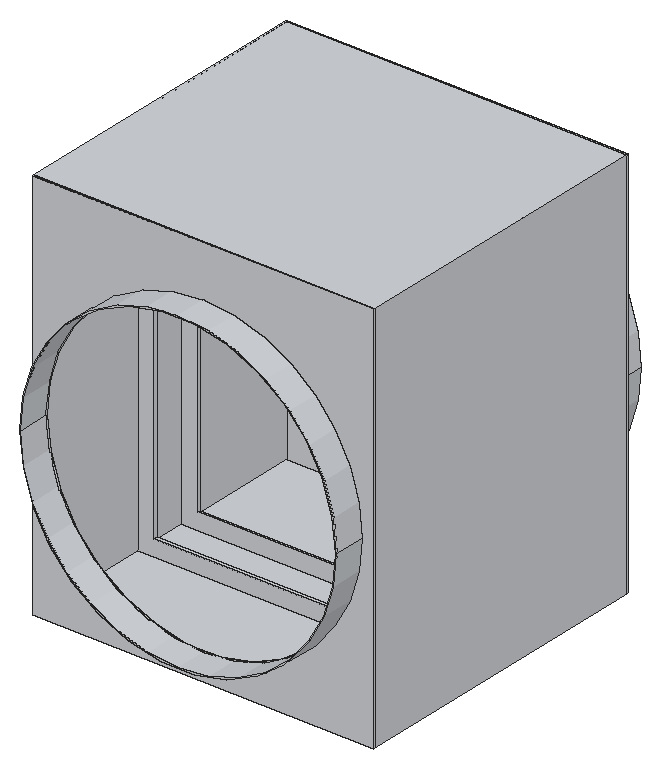
Revit family "FD-SC", category Mechanical Equipment, Revit 2015
Parameters
  URL = "http://unitedenertech.com/catalog/pdf/A-3%20%20%20%20%20FD-SC.pdf"
  Type Comments = "Max. Sizes are (Rectangular or Oval Vertical 47\"w x 43\"h) (Rectangular of Oval Horizontal 39\"w x 35\"h) (Round Vertical 43\" Diameter) (Round Horizontal 35\" Diameter)"
  Radius OD [instance] = Radius + 0' 0 9/256"  # 0' - 6 9/256"
  Radius [instance] = Diameter / 2  # 0' - 6"
  Model = "FD-SC"
  Manufacturer = "United Enertech Corporation"
  Keynote = "Round Transitions Shown, Consult Factory for Models with Rectangular, Oval, or Round Low Profile Transitions"
  Exact Width = Diameter + 0' 1"  # 1' - 1"
  EFL Height [instance] = Blade Pair Number * 0' 0 13/32" + 0' 0 41/64"  # 0' - 2 17/64"
  Diameter = 1' - 0"
  Description = "Curtain Fire Damper for use in Static Systems"
  Damper Height = if(Diameter < 1' 8 1/4", Diameter + 0' 3", if(Diameter < 2' 8 1/4", Diameter + 0' 4", if(Diameter < 3' 10 1/4", Diameter + 0' 5", Diameter + 0' 5")))  # 1' - 3"
  Depth = 1' - 0"
  Center Mark [instance] = Radius + 0' 1"  # 0' - 7"
  Blade Width [instance] = Exact Width - 0' 0 1/8"  # 1' - 0 7/8"
  Blade Pair Number [instance] = (Damper Height - 0' 0 9/128") / 0' 3 7/8"  # 4
Reference planes (in)
  plane 1 "Center (Front/Back)": y = 0
  plane 2: z = 0
  plane 3 "Center (Left/Right)": x = 0
  plane 4: x = -6.5
  plane 5: x = 6.5
  plane 6: y = -6
  plane 7: y = 6
  plane 8: z = 15
  plane 9: x = -6.4641
  plane 10: x = 6.4641
  plane 11: z = 0.0359
  plane 12: z = 14.9641
  plane 13: y = 1.09375
  plane 14: y = -1.09375
  plane 15: y = -0.96875
  plane 16: y = 0.96875
  plane 17: z = 0.6609
  plane 18: x = -5.8391
  plane 19: x = 5.8391
  plane 20: z = 14.3391
  plane 21: x = -0.25
  plane 22: x = 0.25
  plane 23: z = 12.69848
  plane 24: z = 12.73438
  plane 25: y = -6.0359
  plane 26: y = 6.0359
  plane 27: z = 1
  plane 28: y = -7.25
  plane 29: y = 7.25
  plane 30: z = 7
Forms (in)
  Extrusion 1, solid
    sketch origin (0, 0, 0) x (1, 0, 0) y (0, 0, 1)
      loop
        line (-6.4641, 14.9641) -> (-6.4641, 0.0359) -> (6.4641, 0.0359) -> (6.4641, 14.9641) -> (-6.4641, 14.9641)
      loop
        line (-6.5, 15) -> (-6.5, 0) -> (6.5, 0) -> (6.5, 15) -> (-6.5, 15)
    from -6 to 6
  Extrusion 2, solid
    sketch origin (0, 0, 0) x (1, 0, 0) y (0, 0, 1)
      loop
        line (-5.8391, 14.3391) -> (-5.8391, 0.6609) -> (5.8391, 0.6609) -> (5.8391, 14.3391) -> (-5.8391, 14.3391)
      loop
        line (-6.4641, 14.9641) -> (-6.4641, 0.0359) -> (6.4641, 0.0359) -> (6.4641, 14.9641) -> (-6.4641, 14.9641)
    from 0.96875 to 1.09375
  Extrusion 3, solid
    sketch origin (0, 0, 0) x (1, 0, 0) y (0, 0, 1)
      loop
        line (-5.8391, 14.3391) -> (-5.8391, 0.6609) -> (5.8391, 0.6609) -> (5.8391, 14.3391) -> (-5.8391, 14.3391)
      loop
        line (-6.4641, 14.9641) -> (-6.4641, 0.0359) -> (6.4641, 0.0359) -> (6.4641, 14.9641) -> (-6.4641, 14.9641)
    from -1.09375 to -0.96875
  Extrusion 4, solid
    sketch origin (0, 0, 0) x (0, 1, 0) y (0, 0, 1)
      loop
        line (0.96875, 14.9641) -> (0.93285, 14.9641) -> (0.93285, 12.69848) -> (1.43285, 12.69848) -> (1.43285, 13.36723) -> (1.39695, 13.36723) -> (1.39695, 12.73438) -> (0.96875, 12.73438) -> (0.96875, 14.9641)
    from -0.25 to 0.25
  Extrusion 5, solid
    sketch origin (0, 0, 0) x (0, -1, 0) y (0, 0, -1)
      loop
        line (0.96875, -14.9641) -> (0.96875, -12.73438) -> (1.39695, -12.73438) -> (1.39695, -13.36723) -> (1.43285, -13.36723) -> (1.43285, -12.69848) -> (0.93285, -12.69848) -> (0.93285, -14.9641) -> (0.96875, -14.9641)
    from -0.25 to 0.25
  Extrusion 6, solid
    sketch origin (0, 0, 0) x (1, 0, 0) y (0, 0, 1)
      loop
        line (-6.5, 0) -> (6.5, 0) -> (6.5, 15) -> (-6.5, 15) -> (-6.5, 0)
    from 6 to 6.0359
  Extrusion 7, solid
    sketch origin (0, 0, 0) x (1, 0, 0) y (0, 0, 1)
      loop
        line (-6.5, 0) -> (6.5, 0) -> (6.5, 15) -> (-6.5, 15) -> (-6.5, 0)
    from -6.0359 to -6
  Extrusion 8, solid
    sketch origin (0, 0, 0) x (1, 0, 0) y (0, 0, 1)
      loop
        circle (0, 7) r 6
      loop
        circle (0, 7) r 6.03516
    from 6.0359 to 7.25
  Extrusion 9, solid
    sketch origin (0, 0, 0) x (1, 0, 0) y (0, 0, -1)
      loop
        circle (0, -7) r 6
      loop
        circle (0, -7) r 6.03516
    from 6.0359 to 7.25
  Extrusion 10, solid
    sketch origin (0, 0, 0) x (1, 0, 0) y (0, 0, 1)
      loop
        line (-6.5, 15) -> (-6.5, 0) -> (6.5, 0) -> (6.5, 15) -> (-6.5, 15)
    from 6 to 6.0359
  Extrusion 11, void
    sketch origin (0, 0, 0) x (1, 0, 0) y (0, 0, 1)
      loop
        circle (0, 7) r 6
    from 6 to 12
  Extrusion 12, void
    sketch origin (0, 0, 0) x (1, 0, 0) y (0, 0, 1)
      loop
        circle (0, 7) r 6
    from -5.53745 to -13.52645
Cuts and joins
  Extrusion 11, Extrusion 12 cuts Extrusion 2
  Extrusion 11, Extrusion 12 cuts Extrusion 5
  Extrusion 11, Extrusion 12 cuts Extrusion 6
  Extrusion 11, Extrusion 12 cuts Extrusion 8
  Extrusion 11, Extrusion 12 cuts Extrusion 10
  Extrusion 12 cuts Extrusion 7
Dimensions and locks (in)
  equal spacing: plane 4, plane 3 "Center (Left/Right)", plane 5
  "Exact Width": plane 4 to plane 5
  equal spacing: plane 7, plane 1 "Center (Front/Back)", plane 6
  "Depth": plane 7 to plane 6
  "Damper Height": plane 8 to level
  locked: plane 9 to plane 4 at 0.0359
  locked: plane 5 to plane 10 at 0.0359
  locked: plane 8 to plane 12 at 0.0359
  locked: plane 11 to level at 0.0359
  locked: plane 13 to plane 14 at 2.1875
  locked: plane 15 to plane 14 at 0.125
  locked: plane 13 to plane 16 at 0.125
  locked: plane 18 to plane 9 at 0.625
  locked: plane 10 to plane 19 at 0.625
  locked: plane 17 to plane 11 at 0.625
  locked: plane 12 to plane 20 at 0.625
  equal spacing: group 1, group 2, group 3, group 4  (x2)
  equal spacing: group 4, group 3, group 2, group 1
  locked: nested 1 to nested 2 at 0.40625
  "EFL Height": plane 12 to plane 23
  locked: plane 24 to plane 23 at 0.0359
  locked: plane 6 to plane 25 at 0.0359
  locked: plane 7 to plane 26 at 0.0359
  locked: plane 27 to level at 1
  locked: plane 6 to plane 28 at 1.25
  locked: plane 29 to plane 7 at 1.25
  "Center Mark": plane 30 to level
  "Radius OD": radius of Extrusion 8 sketch curve
  "Radius": radius of Extrusion 8 sketch curve
  "Radius OD": radius of Extrusion 9 sketch curve
  "Radius": radius of Extrusion 9 sketch curve
  "Radius": radius of Extrusion 11 sketch curve
  "Radius": radius of Extrusion 12 sketch curve
  aligned and locked: level to plane 2
  aligned and locked: level to Extrusion 1 sketch curve
  aligned and locked: Extrusion 1 sketch curve to plane 4
  aligned and locked: Extrusion 1 sketch curve to plane 5
  aligned and locked: Extrusion 1 sketch curve to plane 8
  aligned and locked: Extrusion 1 sketch curve to plane 12
  aligned and locked: plane 10 to Extrusion 1 sketch curve
  aligned and locked: plane 11 to Extrusion 1 sketch curve
  aligned and locked: plane 9 to Extrusion 1 sketch curve
  aligned and locked: plane 7 to Extrusion 1
  aligned and locked: Extrusion 1 to plane 6
  aligned and locked: plane 11 to Extrusion 2 sketch curve
  aligned and locked: plane 9 to Extrusion 2 sketch curve
  aligned and locked: plane 10 to Extrusion 2 sketch curve
  aligned and locked: Extrusion 2 sketch curve to plane 12
  aligned and locked: Extrusion 2 sketch curve to plane 20
  aligned and locked: Extrusion 2 sketch curve to plane 19
  aligned and locked: plane 17 to Extrusion 2 sketch curve
  aligned and locked: Extrusion 2 sketch curve to plane 18
  aligned and locked: plane 13 to Extrusion 3
  aligned and locked: Extrusion 3 to plane 16
  aligned and locked: plane 15 to Extrusion 2
  aligned and locked: Extrusion 2 to plane 14
  aligned and locked: plane 3 "Center (Left/Right)" to nested 1
  aligned and locked: plane 12 to nested 1
  aligned and locked: plane 21 to Extrusion 5
  aligned and locked: plane 21 to Extrusion 4
  aligned and locked: plane 22 to Extrusion 5
  aligned and locked: plane 22 to Extrusion 4
  aligned and locked: Extrusion 5 sketch curve to plane 23
  aligned and locked: plane 23 to Extrusion 4 sketch curve
  aligned and locked: plane 24 to Extrusion 4 sketch curve
  aligned and locked: Extrusion 5 sketch curve to plane 24
  aligned and locked: nested 4 to plane 24
  aligned and locked: Extrusion 6 sketch curve to level
  aligned and locked: plane 4 to Extrusion 6 sketch curve
  aligned and locked: plane 5 to Extrusion 6 sketch curve
  aligned and locked: plane 8 to Extrusion 6 sketch curve
  aligned and locked: plane 6 to Extrusion 6
  aligned and locked: Extrusion 6 to plane 25
  aligned and locked: Extrusion 7 to plane 26
  aligned and locked: Extrusion 7 to plane 7
  aligned and locked: plane 25 to Extrusion 8
  aligned and locked: Extrusion 8 to plane 28
  aligned and locked: plane 26 to Extrusion 9
  aligned and locked: Extrusion 9 to plane 29
  aligned and locked: plane 6 to Extrusion 10
  aligned and locked: Extrusion 10 to plane 25
  aligned and locked: plane 6 to Extrusion 11
Automatic sketch dimensions
  Extrusion 3 sketch curve to plane 9 = 0' - 0"
  Extrusion 3 sketch curve to plane 17 = 0' - 0"
  plane 18 to Extrusion 3 sketch curve = 0' - 0"
  Extrusion 3 sketch curve to plane 19 = 0' - 0"
  plane 10 to Extrusion 3 sketch curve = 0' - 0"
  Extrusion 3 sketch curve to plane 11 = 0' - 0"
  Extrusion 3 sketch curve to plane 20 = 0' - 0"
  Extrusion 3 sketch curve to plane 12 = 0' - 0"
  Extrusion 4 sketch curve to plane 12 = 0' - 0"
  Extrusion 4 sketch curve to plane 16 = 0' - 0"
  Extrusion 4 sketch curve to plane 16 = 0' - 0.0359"
  plane 13 to Extrusion 4 sketch curve = 0' - 0.3032"
  Extrusion 4 sketch curve to Extrusion 4 sketch curve = 0' - 0.0359"
  plane 24 to Extrusion 4 sketch curve = 0' - 0.63285"
  Extrusion 5 sketch curve to plane 12 = 0' - 0"
  Extrusion 5 sketch curve to plane 15 = 0' - 0"
  Extrusion 5 sketch curve to plane 15 = 0' - 0.0359"
  plane 14 to Extrusion 5 sketch curve = 0' - 0.3032"
  Extrusion 5 sketch curve to Extrusion 5 sketch curve = 0' - 0.0359"
  Extrusion 5 sketch curve to plane 24 = 0' - 0.63285"
  plane 4 to Extrusion 7 sketch curve = 0' - 0"
  Extrusion 7 sketch curve to plane 5 = 0' - 0"
  Extrusion 7 sketch curve to level = 0' - 0"
  Extrusion 7 sketch curve to plane 8 = 0' - 0"
  Extrusion 10 sketch curve to level = 0' - 0"
  plane 4 to Extrusion 10 sketch curve = 0' - 0"
  Extrusion 10 sketch curve to plane 5 = 0' - 0"
  Extrusion 10 sketch curve to plane 8 = 0' - 0"
  Extrusion 8 sketch curve to Extrusion 8 sketch curve = 0' - 0"  (x2)
  Extrusion 8 sketch curve to plane 3 "Center (Left/Right)" = 0' - 0"
  Extrusion 8 sketch curve to plane 30 = 0' - 0"
  Extrusion 9 sketch curve to Extrusion 9 sketch curve = 0' - 0"  (x2)
  Extrusion 9 sketch curve to plane 3 "Center (Left/Right)" = 0' - 0"
  Extrusion 9 sketch curve to plane 30 = 0' - 0"
  Extrusion 11 sketch curve to plane 3 "Center (Left/Right)" = 0' - 0"
  Extrusion 11 sketch curve to plane 30 = 0' - 0"
  Extrusion 12 sketch curve to plane 3 "Center (Left/Right)" = 0' - 0"
  Extrusion 12 sketch curve to plane 30 = 0' - 0"
Nested families (in)
  nested 1: "FD-SALB BLADESEDITED" at (0, 1.17008, 14.12138), type "FD-SALB BLADESEDITED"
    with Blade Width 1' - 0 7/8"
  nested 2: "FD-SALB BLADESEDITED" at (0, 1.17008, 13.71513), type "FD-SALB BLADESEDITED"
    with Blade Width 1' - 0 7/8"
  nested 3: "FD-SALB BLADESEDITED" at (0, 1.17008, 13.30888), type "FD-SALB BLADESEDITED"
    with Blade Width 1' - 0 7/8"
  nested 4: "EFL" at (4.62017, 3.54736, 12.73438), type "EFL"
  nested 5: "FD-SALB BLADESEDITED" at (0, 1.17008, 12.90263), type "FD-SALB BLADESEDITED"
    with Blade Width 1' - 0 7/8"
Definition of nested family "FD-SALB BLADESEDITED"
  Parameters (values of type "FD-SALB BLADESEDITED")
    Blade Width = 1' - 11 7/8"
  Reference planes (in)
    plane 1 "Center (Front/Back)": y = 0
    plane 2: z = 0
    plane 3 "Center (Left/Right)": x = 0
    plane 4: x = -11.9375
    plane 5: x = 11.9375
  Forms (in)
    Extrusion 1, solid
      sketch origin (0, 0, 0) x (0, 1, 0) y (0, 0, 1)
        loop
          line (-0.31672, 0.53073) -> (-0.3446, 0.62657)
          arc (-0.3446, 0.62657) -> (-0.33726, 0.6415) -> (-0.32269, 0.63348) r 0.0115
          line (-0.32269, 0.63348) -> (-0.30545, 0.53536)
          arc (-0.30545, 0.53536) -> (-0.31611, 0.49773) -> (-0.35217, 0.48264) r 0.045
          line (-0.35217, 0.48264) -> (-0.39872, 0.48554)
          arc (-0.39872, 0.48554) -> (-0.42675, 0.49692) -> (-0.44125, 0.52348) r 0.045
          line (-0.44125, 0.52348) -> (-0.47071, 0.66865)
          arc (-0.47071, 0.66865) -> (-0.48965, 0.70349) -> (-0.5262, 0.7189) r 0.06
          line (-0.5262, 0.7189) -> (-1.55698, 0.78305) -> (-1.76244, 0.79584)
          arc (-1.76244, 0.79584) -> (-1.79846, 0.78683) -> (-1.82228, 0.75836) r 0.06
          line (-1.82228, 0.75836) -> (-1.88016, 0.61423)
          arc (-1.88016, 0.61423) -> (-1.90974, 0.57877) -> (-1.95445, 0.56733) r 0.075
          arc (-1.95445, 0.56733) -> (-2.03902, 0.60869) -> (-2.06957, 0.69773) r 0.123
          line (-2.06957, 0.69773) -> (-2.06418, 0.78456)
          arc (-2.06418, 0.78456) -> (-2.05371, 0.80551) -> (-2.03138, 0.81256) r 0.03
          line (-2.03138, 0.81256) -> (-1.90763, 0.80489) -> (-1.90763, 0.8362) -> (-2.01284, 0.84272) -> (-2.04641, 0.84272)
          arc (-2.04641, 0.84272) -> (-2.08042, 0.82292) -> (-2.09536, 0.7865) r 0.06125
          line (-2.09536, 0.7865) -> (-2.10077, 0.69966)
          arc (-2.10077, 0.69966) -> (-2.06244, 0.58801) -> (-1.95639, 0.53614) r 0.15425
          arc (-1.95639, 0.53614) -> (-1.89306, 0.55235) -> (-1.8512, 0.60257) r 0.10625
          line (-1.8512, 0.60257) -> (-1.7933, 0.74674)
          arc (-1.7933, 0.74674) -> (-1.78183, 0.76038) -> (-1.76452, 0.76466) r 0.02875
          line (-1.76452, 0.76466) -> (-1.55892, 0.75186) -> (-0.52813, 0.68773)
          arc (-0.52813, 0.68773) -> (-0.51045, 0.68016) -> (-0.50148, 0.66314) r 0.02875
          line (-0.50148, 0.66314) -> (-0.47199, 0.51784)
          arc (-0.47199, 0.51784) -> (-0.4474, 0.47346) -> (-0.4004, 0.45434) r 0.07625
          line (-0.4004, 0.45434) -> (-0.35398, 0.45144)
          arc (-0.35398, 0.45144) -> (-0.29278, 0.47694) -> (-0.27468, 0.54073) r 0.07625
          line (-0.27468, 0.54073) -> (-0.29191, 0.63889)
          arc (-0.29191, 0.63889) -> (-0.33988, 0.67434) -> (-0.37768, 0.6282) r 0.04327
          line (-0.37768, 0.6282) -> (-0.34677, 0.52199) -> (-0.31672, 0.53073)
      from -11.9375 to 11.9375
    Extrusion 2, solid
      sketch origin (0, 0, 0) x (0, 1, 0) y (0, 0, 1)
        loop
          arc (-0.31635, 0.67497) -> (-0.29361, 0.66856) -> (-0.28256, 0.64768) r 0.03
          line (-0.28256, 0.64768) -> (-0.2714, 0.56286)
          arc (-0.2714, 0.56286) -> (-0.29582, 0.47194) -> (-0.37737, 0.42491) r 0.123
          arc (-0.37737, 0.42491) -> (-0.42275, 0.43328) -> (-0.45469, 0.46664) r 0.075
          line (-0.45469, 0.46664) -> (-0.52225, 0.60648)
          arc (-0.52225, 0.60648) -> (-0.54755, 0.63305) -> (-0.58358, 0.63992) r 0.06
          line (-0.58358, 0.63992) -> (-0.78858, 0.61304) -> (-1.81262, 0.47877)
          arc (-1.81262, 0.47877) -> (-1.84723, 0.46173) -> (-1.86432, 0.42714) r 0.06
          line (-1.86432, 0.42714) -> (-1.88437, 0.27537)
          arc (-1.88437, 0.27537) -> (-1.89734, 0.2499) -> (-1.92301, 0.23735) r 0.045
          line (-1.92301, 0.23735) -> (-1.96868, 0.2314)
          arc (-1.96868, 0.2314) -> (-2.00696, 0.24361) -> (-2.02023, 0.28153) r 0.045
          line (-2.02023, 0.28153) -> (-2.00995, 0.379)
          arc (-2.00995, 0.379) -> (-1.99657, 0.38882) -> (-1.98728, 0.37505) r 0.0115
          line (-1.98728, 0.37505) -> (-2.00879, 0.27676) -> (-1.97772, 0.26996) -> (-1.95543, 0.37179)
          arc (-1.95543, 0.37179) -> (-1.99381, 0.41919) -> (-2.04121, 0.38081) r 0.04313
          line (-2.04121, 0.38081) -> (-2.05127, 0.28509)
          arc (-2.05127, 0.28509) -> (-2.02877, 0.22122) -> (-1.96431, 0.20045) r 0.07625
          line (-1.96431, 0.20045) -> (-1.91897, 0.20638)
          arc (-1.91897, 0.20638) -> (-1.87533, 0.22771) -> (-1.85342, 0.27106) r 0.07625
          line (-1.85342, 0.27106) -> (-1.83333, 0.42305)
          arc (-1.83333, 0.42305) -> (-1.82514, 0.43962) -> (-1.80853, 0.44779) r 0.02875
          line (-1.80853, 0.44779) -> (-0.78452, 0.58205) -> (-0.57967, 0.60892)
          arc (-0.57967, 0.60892) -> (-0.56246, 0.60559) -> (-0.55039, 0.5929) r 0.02875
          line (-0.55039, 0.5929) -> (-0.48278, 0.45303)
          arc (-0.48278, 0.45303) -> (-0.4376, 0.40578) -> (-0.37331, 0.39393) r 0.10625
          arc (-0.37331, 0.39393) -> (-0.27103, 0.4529) -> (-0.24041, 0.56695) r 0.15425
          line (-0.24041, 0.56695) -> (-0.2515, 0.65113)
          arc (-0.2515, 0.65113) -> (-0.27433, 0.69316) -> (-0.32041, 0.70596) r 0.06125
          line (-0.32041, 0.70596) -> (-0.44437, 0.68971) -> (-0.44031, 0.65872) -> (-0.31635, 0.67497)
      from -11.9375 to 11.9375
  Dimensions and locks (in)
    equal spacing: plane 4, plane 3 "Center (Left/Right)", plane 5
    "Blade Width": plane 4 to plane 5
    aligned and locked: level to plane 2
    aligned and locked: plane 4 to Extrusion 1
    aligned and locked: plane 4 to Extrusion 2
    aligned and locked: plane 5 to Extrusion 1
    aligned and locked: plane 5 to Extrusion 2
  Automatic sketch dimensions
    Extrusion 2 sketch curve to Extrusion 2 sketch curve = 0' - 0"  (x35)
    level to Extrusion 2 sketch curve = 0' - 0.28509"
    plane 1 "Center (Front/Back)" to Extrusion 2 sketch curve = 0' - 2.05127"
    level to Extrusion 2 sketch curve = 0' - 0.38081"
    Extrusion 2 sketch curve to Extrusion 2 sketch curve = 0' - 0.01006"
    level to Extrusion 2 sketch curve = 0' - 0.28153"
    Extrusion 2 sketch curve to Extrusion 2 sketch curve = 0' - 0.03105"
    level to Extrusion 2 sketch curve = 0' - 0.27676"
    Extrusion 2 sketch curve to Extrusion 2 sketch curve = 0' - 0.01143"  (x2)
    Extrusion 2 sketch curve to Extrusion 2 sketch curve = 0' - 0.04266"
    Extrusion 2 sketch curve to Extrusion 2 sketch curve = 0' - 0.00023"
    level to Extrusion 2 sketch curve = 0' - 0.26996"
    Extrusion 2 sketch curve to Extrusion 2 sketch curve = 0' - 0.03107"
    Extrusion 2 sketch curve to Extrusion 2 sketch curve = 0' - 0.00213"
    level to Extrusion 2 sketch curve = 0' - 0.2314"
    Extrusion 2 sketch curve to Extrusion 2 sketch curve = 0' - 0.00904"
    level to Extrusion 2 sketch curve = 0' - 0.20045"
    level to Extrusion 2 sketch curve = 0' - 0.37179"
    Extrusion 2 sketch curve to Extrusion 2 sketch curve = 0' - 0.0467"
    level to Extrusion 2 sketch curve = 0' - 0.27537"
    Extrusion 2 sketch curve to Extrusion 2 sketch curve = 0' - 0.04451"
    level to Extrusion 2 sketch curve = 0' - 0.27106"
    Extrusion 2 sketch curve to Extrusion 2 sketch curve = 0' - 0.03095"
    Extrusion 2 sketch curve to Extrusion 2 sketch curve = 0' - 0.0486"
    plane 1 "Center (Front/Back)" to Extrusion 2 sketch curve = 0' - 0.78452"
    Extrusion 2 sketch curve to Extrusion 2 sketch curve = 0' - 0.20094"
    Extrusion 2 sketch curve to Extrusion 2 sketch curve = 0' - 0 1/256"  (x2)
    Extrusion 2 sketch curve to Extrusion 2 sketch curve = 0' - 0.0034"
    Extrusion 2 sketch curve to Extrusion 2 sketch curve = 0' - 0.13921"
    Extrusion 2 sketch curve to Extrusion 2 sketch curve = 0' - 0.00406"  (x3)
    Extrusion 2 sketch curve to Extrusion 2 sketch curve = 0' - 0.04695"
    Extrusion 2 sketch curve to Extrusion 2 sketch curve = 0' - 0.00624"
    Extrusion 2 sketch curve to Extrusion 2 sketch curve = 0' - 0.0809"
    Extrusion 2 sketch curve to Extrusion 2 sketch curve = 0' - 0.0299"
    Extrusion 2 sketch curve to Extrusion 2 sketch curve = 0' - 0.03106"
    Extrusion 2 sketch curve to Extrusion 2 sketch curve = 0' - 0.00661"
    Extrusion 2 sketch curve to Extrusion 2 sketch curve = 0' - 0.00119"
    Extrusion 2 sketch curve to Extrusion 2 sketch curve = 0' - 0.14822"
    level to Extrusion 2 sketch curve = 0' - 0.49927"
    Extrusion 2 sketch curve to Extrusion 2 sketch curve = 0' - 0.04759"
    Extrusion 2 sketch curve to Extrusion 2 sketch curve = 0' - 0.0335"
    Extrusion 2 sketch curve to Extrusion 2 sketch curve = 0' - 0.00168"
    Extrusion 2 sketch curve to Extrusion 2 sketch curve = 0' - 0.02855"
    Extrusion 2 sketch curve to Extrusion 2 sketch curve = 0' - 0.031"
    Extrusion 2 sketch curve to Extrusion 2 sketch curve = 0' - 0.09835"
    Extrusion 2 sketch curve to Extrusion 2 sketch curve = 0' - 0.00246"
    Extrusion 2 sketch curve to Extrusion 2 sketch curve = 0' - 0.00345"
    Extrusion 2 sketch curve to Extrusion 2 sketch curve = 0' - 0.11186"
    Extrusion 2 sketch curve to Extrusion 2 sketch curve = 0' - 0.03098"  (x3)
    level to Extrusion 2 sketch curve = 0' - 0.37898"
    Extrusion 2 sketch curve to Extrusion 2 sketch curve = 0' - 0.00003"  (x4)
    Extrusion 2 sketch curve to Extrusion 2 sketch curve = 0' - 0.01101"
    level to Extrusion 2 sketch curve = 0' - 0.37505"
    Extrusion 2 sketch curve to Extrusion 2 sketch curve = 0' - 0.00585"
    level to Extrusion 2 sketch curve = 0' - 0.23735"
    Extrusion 2 sketch curve to Extrusion 2 sketch curve = 0' - 0.00404"
    level to Extrusion 2 sketch curve = 0' - 0.20636"
    level to Extrusion 2 sketch curve = 0' - 0.42714"
    Extrusion 2 sketch curve to Extrusion 2 sketch curve = 0' - 0.0595"
    level to Extrusion 2 sketch curve = 0' - 0.42305"
    Extrusion 2 sketch curve to Extrusion 2 sketch curve = 0' - 0.02852"
    Extrusion 2 sketch curve to Extrusion 2 sketch curve = 0' - 0.0207"
    level to Extrusion 2 sketch curve = 0' - 0.47878"
    Extrusion 2 sketch curve to Extrusion 2 sketch curve = 0' - 0.00374"
    level to Extrusion 2 sketch curve = 0' - 0.44779"
    Extrusion 2 sketch curve to Extrusion 2 sketch curve = 0' - 0.02588"
    Extrusion 2 sketch curve to Extrusion 2 sketch curve = 0' - 0.02814"
    Extrusion 2 sketch curve to Extrusion 2 sketch curve = 0' - 0.0957"
    Extrusion 2 sketch curve to Extrusion 2 sketch curve = 0' - 0.00004"  (x2)
    Extrusion 2 sketch curve to Extrusion 2 sketch curve = 0' - 0.02809"
    Extrusion 2 sketch curve to Extrusion 2 sketch curve = 0' - 0.00975"
    Extrusion 2 sketch curve to Extrusion 2 sketch curve = 0' - 0.00796"
    Extrusion 2 sketch curve to Extrusion 2 sketch curve = 0' - 0.01116"
    Extrusion 2 sketch curve to Extrusion 2 sketch curve = 0' - 0.00002"
    Extrusion 1 sketch curve to Extrusion 1 sketch curve = 0' - 0"  (x30)
    level to Extrusion 1 sketch curve = 0' - 0.7827"
    plane 1 "Center (Front/Back)" to Extrusion 1 sketch curve = 0' - 2.03423"
    Extrusion 1 sketch curve to Extrusion 1 sketch curve = 0' - 0.00284"
    Extrusion 1 sketch curve to Extrusion 1 sketch curve = 0' - 0.01854"
    Extrusion 1 sketch curve to Extrusion 1 sketch curve = 0' - 0.08443"
    Extrusion 1 sketch curve to Extrusion 1 sketch curve = 0' - 0.00298"
    Extrusion 1 sketch curve to Extrusion 1 sketch curve = 0' - 0.03918"
    Extrusion 1 sketch curve to Extrusion 1 sketch curve = 0' - 0.14102"
    level to Extrusion 1 sketch curve = 0' - 0.76466"
    Extrusion 1 sketch curve to Extrusion 1 sketch curve = 0' - 0.00209"
    level to Extrusion 1 sketch curve = 0' - 0.79584"
    Extrusion 1 sketch curve to Extrusion 1 sketch curve = 0' - 0.00208"  (x2)
    level to Extrusion 1 sketch curve = 0' - 0.75186"
    Extrusion 1 sketch curve to Extrusion 1 sketch curve = 0' - 0.2056"
    Extrusion 1 sketch curve to Extrusion 1 sketch curve = 0' - 0.00194"  (x2)
    plane 1 "Center (Front/Back)" to Extrusion 1 sketch curve = 0' - 0.52993"
    Extrusion 1 sketch curve to Extrusion 1 sketch curve = 0' - 0.02845"
    Extrusion 1 sketch curve to Extrusion 1 sketch curve = 0' - 0.02949"
    Extrusion 1 sketch curve to Extrusion 1 sketch curve = 0' - 0.03077"  (x2)
    Extrusion 1 sketch curve to Extrusion 1 sketch curve = 0' - 0.03074"
    Extrusion 1 sketch curve to Extrusion 1 sketch curve = 0' - 0.04085"
    Extrusion 1 sketch curve to Extrusion 1 sketch curve = 0' - 0.00168"
    Extrusion 1 sketch curve to Extrusion 1 sketch curve = 0' - 0.04445"
    Extrusion 1 sketch curve to Extrusion 1 sketch curve = 0' - 0.01912"
    Extrusion 1 sketch curve to Extrusion 1 sketch curve = 0' - 0.04641"
    Extrusion 1 sketch curve to Extrusion 1 sketch curve = 0' - 0.00182"
    Extrusion 1 sketch curve to Extrusion 1 sketch curve = 0' - 0.00238"
    Extrusion 1 sketch curve to Extrusion 1 sketch curve = 0' - 0.00302"
    Extrusion 1 sketch curve to Extrusion 1 sketch curve = 0' - 0.03307"
    Extrusion 1 sketch curve to Extrusion 1 sketch curve = 0' - 0.01008"
    Extrusion 1 sketch curve to Extrusion 1 sketch curve = 0' - 0.00072"
    Extrusion 1 sketch curve to Extrusion 1 sketch curve = 0' - 0.01112"
    Extrusion 1 sketch curve to Extrusion 1 sketch curve = 0' - 0.03006"
    Extrusion 1 sketch curve to Extrusion 1 sketch curve = 0' - 0.03078"
    Extrusion 1 sketch curve to Extrusion 1 sketch curve = 0' - 0.02867"
    Extrusion 1 sketch curve to Extrusion 1 sketch curve = 0' - 0.09261"
    level to Extrusion 1 sketch curve = 0' - 0.66865"
    Extrusion 1 sketch curve to Extrusion 1 sketch curve = 0' - 0.00551"
    Extrusion 1 sketch curve to Extrusion 1 sketch curve = 0' - 0.00412"
    Extrusion 1 sketch curve to Extrusion 1 sketch curve = 0' - 0.04791"
    Extrusion 1 sketch curve to Extrusion 1 sketch curve = 0' - 0.02976"
    Extrusion 1 sketch curve to Extrusion 1 sketch curve = 0' - 0.00541"
    Extrusion 1 sketch curve to Extrusion 1 sketch curve = 0' - 0.00087"
    Extrusion 1 sketch curve to Extrusion 1 sketch curve = 0' - 0.00852"
    Extrusion 1 sketch curve to Extrusion 1 sketch curve = 0' - 0.00559"
    Extrusion 1 sketch curve to Extrusion 1 sketch curve = 0' - 0.00702"
    Extrusion 1 sketch curve to Extrusion 1 sketch curve = 0' - 0.00564"
    Extrusion 1 sketch curve to Extrusion 1 sketch curve = 0' - 0.03935"
    Extrusion 1 sketch curve to Extrusion 1 sketch curve = 0' - 0.0312"
    Extrusion 1 sketch curve to Extrusion 1 sketch curve = 0' - 0.03119"
    Extrusion 1 sketch curve to Extrusion 1 sketch curve = 0' - 0.1148"
    Extrusion 1 sketch curve to Extrusion 1 sketch curve = 0' - 0.03131"
    Extrusion 1 sketch curve to Extrusion 1 sketch curve = 0' - 0.02994"
    level to Extrusion 1 sketch curve = 0' - 0.78456"
    Extrusion 1 sketch curve to Extrusion 1 sketch curve = 0' - 0.00539"
    level to Extrusion 1 sketch curve = 0' - 0.69772"
    Extrusion 1 sketch curve to Extrusion 1 sketch curve = 0' - 0.03117"
    Extrusion 1 sketch curve to Extrusion 1 sketch curve = 0' - 0.03118"
    level to Extrusion 1 sketch curve = 0' - 0.69966"
    Extrusion 1 sketch curve to Extrusion 1 sketch curve = 0' - 0.03357"
    Extrusion 1 sketch curve to Extrusion 1 sketch curve = 0' - 0.0066"
    Extrusion 1 sketch curve to Extrusion 1 sketch curve = 0' - 0.06959"
    level to Extrusion 1 sketch curve = 0' - 0.61423"
    Extrusion 1 sketch curve to Extrusion 1 sketch curve = 0' - 0.00004"  (x2)
    Extrusion 1 sketch curve to Extrusion 1 sketch curve = 0' - 0.02896"
    level to Extrusion 1 sketch curve = 0' - 0.60259"
    level to Extrusion 1 sketch curve = 0' - 0.75838"
    Extrusion 1 sketch curve to Extrusion 1 sketch curve = 0' - 0.05778"
    level to Extrusion 1 sketch curve = 0' - 0.74674"
    Extrusion 1 sketch curve to Extrusion 1 sketch curve = 0' - 0.02669"
    Extrusion 1 sketch curve to Extrusion 1 sketch curve = 0' - 0.00179"
    Extrusion 1 sketch curve to Extrusion 1 sketch curve = 0' - 0.00193"
    Extrusion 1 sketch curve to Extrusion 1 sketch curve = 0' - 0.01125"
    Extrusion 1 sketch curve to Extrusion 1 sketch curve = 0' - 0.00003"
    Extrusion 1 sketch curve to Extrusion 1 sketch curve = 0' - 0.05622"
    Extrusion 1 sketch curve to Extrusion 1 sketch curve = 0' - 0.03016"
Definition of nested family "EFL"
  Reference planes (in)
    plane 1 "Center (Front/Back)": y = 0
    plane 2: z = 0
    plane 3 "Center (Left/Right)": x = 0
  Forms (in)
    Extrusion 1, solid
      sketch origin (0, 0, 0) x (1, 0, 0) y (0, 1, 0)
        loop
          arc (-4.87017, -4.05324) -> (-4.81525, -4.18582) -> (-4.68267, -4.24074) r 0.1875
          line (-4.68267, -4.24074) -> (-4.55767, -4.24074)
          arc (-4.55767, -4.24074) -> (-4.42508, -4.18582) -> (-4.37017, -4.05324) r 0.1875
          line (-4.37017, -4.05324) -> (-4.37017, -3.41574) -> (-4.87017, -3.41574) -> (-4.87017, -4.05324)
        loop
          circle (-4.62017, -4.05324) r 0.0625
      from 0.1 to 0.05
    Extrusion 2, solid
      sketch origin (-9.24033, -7.08147, 0) x (-1, 0, 0) y (0, -1, 0)
        loop
          arc (-4.87017, -4.05324) -> (-4.81525, -4.18582) -> (-4.68267, -4.24074) r 0.1875
          line (-4.68267, -4.24074) -> (-4.55767, -4.24074)
          arc (-4.55767, -4.24074) -> (-4.42508, -4.18582) -> (-4.37017, -4.05324) r 0.1875
          line (-4.37017, -4.05324) -> (-4.37017, -3.41574) -> (-4.87017, -3.41574) -> (-4.87017, -4.05324)
        loop
          circle (-4.62017, -4.05324) r 0.0625
      from 0 to 0.05
    Sweep 3, solid
      path in 3D
        loop
          line (-4.62017, -4.16421, 0) -> (-4.62017, -4.22608, 0)
          arc (-4.62017, -4.22608, 0) -> (-4.65678, -4.31447, 0) -> (-4.74517, -4.35108, 0) r 0.125
          line (-4.74517, -4.35108, 0) -> (-4.92568, -4.35108, 0)
          arc (-4.92568, -4.35108, 0) -> (-5.02859, -4.454, 0) -> (-4.92568, -4.55691, 0) r 0.10291
          line (-4.92568, -4.55691, 0) -> (-4.62017, -4.55691, 0) -> (-4.31465, -4.55691, 0)
          arc (-4.31465, -4.55691, 0) -> (-4.21174, -4.454, 0) -> (-4.31465, -4.35108, 0) r 0.10291
          line (-4.31465, -4.35108, 0) -> (-4.58427, -4.35108, 0)
      profile origin (-4.62017, -4.19515, 0) x (1, 0, 0) y (0, 0, 1)
        loop
          circle (0, 0) r 0.03202
    Sweep 4, solid
      path in 3D
        loop
          line (-4.62017, -4.283, 0.1526) -> (-4.62017, -4.12297, 0.1526)
          arc (-4.62017, -4.12297, 0.1526) -> (-4.62017, -4.04635, 0.07598) -> (-4.62017, -4.12297, -0.00063) r 0.07662
          line (-4.62017, -4.12297, -0.00063) -> (-4.62017, -4.16421, -0.00063)
      profile origin (-4.62017, -4.14359, -0.00063) x (0, 0, -1) y (1, 0, 0)
        loop
          circle (0, 0) r 0.03138
    Sweep 5, solid
      path in 3D
        loop
          line (-4.62017, -2.91726, 0) -> (-4.62017, -2.85539, 0)
          arc (-4.62017, -2.85539, 0) -> (-4.65678, -2.767, 0) -> (-4.74517, -2.73039, 0) r 0.125
          line (-4.74517, -2.73039, 0) -> (-4.92568, -2.73039, 0)
          arc (-4.92568, -2.73039, 0) -> (-5.02859, -2.62747, 0) -> (-4.92568, -2.52456, 0) r 0.10291
          line (-4.92568, -2.52456, 0) -> (-4.62017, -2.52456, 0) -> (-4.31465, -2.52456, 0)
          arc (-4.31465, -2.52456, 0) -> (-4.21174, -2.62747, 0) -> (-4.31465, -2.73039, 0) r 0.10291
          line (-4.31465, -2.73039, 0) -> (-4.58427, -2.73039, 0)
      profile origin (-4.62017, -2.88633, 0) x (-1, 0, 0) y (0, 0, 1)
        loop
          circle (0, 0) r 0.03202
    Sweep 6, solid
      path in 3D
        loop
          line (-4.62017, -2.79848, 0.1526) -> (-4.62017, -2.95851, 0.1526)
          arc (-4.62017, -2.95851, 0.1526) -> (-4.62017, -3.03512, 0.07598) -> (-4.62017, -2.95851, -0.00063) r 0.07662
          line (-4.62017, -2.95851, -0.00063) -> (-4.62017, -2.91726, -0.00063)
      profile origin (-4.62017, -2.93788, -0.00063) x (0, 0, 1) y (1, 0, 0)
        loop
          circle (0, 0) r 0.03138
  Lines and regions (in)
    sketch lines
      curve 1: line (-4.62017, -4.16421, 0) -> (-4.62017, -4.22608, 0)
      curve 2: arc (-4.74517, -4.35108, 0) -> (-4.65678, -4.31447, 0) -> (-4.62017, -4.22608, 0) r 0.125
      curve 3: line (-4.74517, -4.35108, 0) -> (-4.92568, -4.35108, 0)
      curve 4: arc (-4.92568, -4.35108, 0) -> (-5.02859, -4.454, 0) -> (-4.92568, -4.55691, 0) r 0.10291
      curve 5: line (-4.62017, -4.55691, 0) -> (-4.92568, -4.55691, 0)
      curve 6: line (-4.62017, -4.55691, 0) -> (-4.31465, -4.55691, 0)
      curve 7: arc (-4.31465, -4.55691, 0) -> (-4.21174, -4.454, 0) -> (-4.31465, -4.35108, 0) r 0.10291
      curve 8: line (-4.58427, -4.35108, 0) -> (-4.31465, -4.35108, 0)
      curve 9: line (-4.62017, -4.12297, -0.00063) -> (-4.62017, -4.16421, -0.00063)
      curve 10: arc (-4.62017, -4.12297, -0.00063) -> (-4.62017, -4.04635, 0.07598) -> (-4.62017, -4.12297, 0.1526) r 0.07662
      curve 11: line (-4.62017, -4.12297, 0.1526) -> (-4.62017, -4.283, 0.1526)
      curve 12: line (-4.62017, -2.91726, 0) -> (-4.62017, -2.85539, 0)
      curve 13: arc (-4.74517, -2.73039, 0) -> (-4.65678, -2.767, 0) -> (-4.62017, -2.85539, 0) r 0.125
      curve 14: line (-4.74517, -2.73039, 0) -> (-4.92568, -2.73039, 0)
      curve 15: arc (-4.92568, -2.73039, 0) -> (-5.02859, -2.62747, 0) -> (-4.92568, -2.52456, 0) r 0.10291
      curve 16: line (-4.62017, -2.52456, 0) -> (-4.92568, -2.52456, 0)
      curve 17: line (-4.62017, -2.52456, 0) -> (-4.31465, -2.52456, 0)
      curve 18: arc (-4.31465, -2.52456, 0) -> (-4.21174, -2.62747, 0) -> (-4.31465, -2.73039, 0) r 0.10291
      curve 19: line (-4.58427, -2.73039, 0) -> (-4.31465, -2.73039, 0)
      curve 20: line (-4.62017, -2.95851, -0.00063) -> (-4.62017, -2.91726, -0.00063)
      curve 21: arc (-4.62017, -2.95851, -0.00063) -> (-4.62017, -3.03512, 0.07598) -> (-4.62017, -2.95851, 0.1526) r 0.07662
      curve 22: line (-4.62017, -2.95851, 0.1526) -> (-4.62017, -2.79848, 0.1526)
  Dimensions and locks (in)
    aligned and locked: level to plane 2
